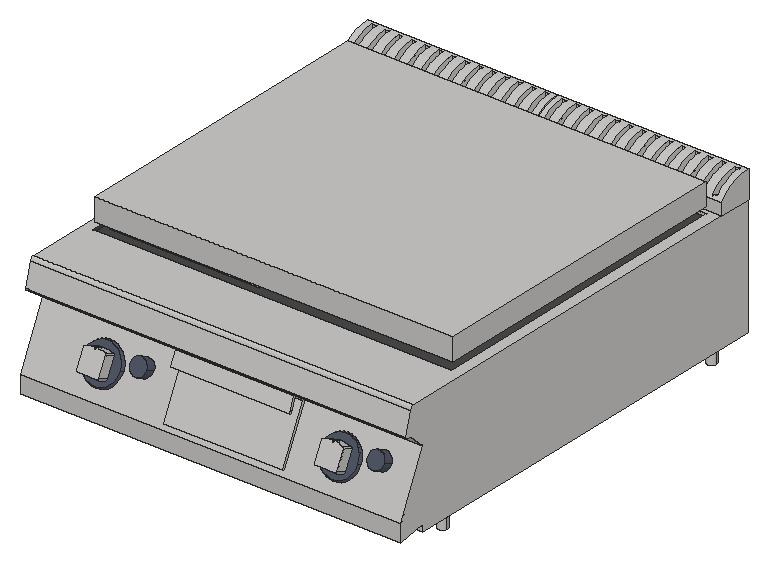
Revit family "QF_ZANUSSI_392023_Z9HOGH1000", category Specialty Equipment, Revit 2018
Family settings
  Round Connector Dimension = Use Diameter
  Part Type = Normal
  Work Plane-Based = No
  Always vertical = Yes
  Cut with Voids When Loaded = No
  Shared = No
  Room Calculation Point = No
Parameters
  Width = 400 mm  # constant formula
  Weight in Pounds = 105  # constant formula
  Weight = 0.00 kg
  Watts = 0 W
  Volts = 0 V
  URL Manufacturer = "http://www.zanussiprofessional.com"
  URL Cutsheet = "www.electrolux.com/foodservice"
  URL = "http://www.zanussiprofessional.com"
  Type Mark [instance] = ""
  Steam Supply Size = 0"
  Steam Supply Minimum Pressure = 0.00 psi
  Steam Supply Maximum Pressure = 0.00 psi
  Steam Pounds per Hour = 0
  Status [instance] = ""
  Specification by User [instance] = ""
  Specification by Manufacturer = ""
  Show Logo [instance] = yes
  Show Clearance [instance] = yes
  Serial Number = ""
  Seismic Rating = ""
  SMACNA No = ""
  Revision Code [instance] = ""
  Refrigeration Suction Line Size = 0"
  Refrigeration Liquid Line Size = 0"
  Refrigerant Compressor Remote = yes
  Phase = 0
  Omniclass Number and Title = ""
  NAFEM Spec ID Number = ""
  Model = "Z9HOGH1000"
  Mechanical Remarks = ""
  Mechanical Connection Type = ""
  Masterspec = ""
  Manufacturer = "Zanussi"
  Length Actual = 800 mm  # constant formula
  Item Number [instance] = "392023"
  Installed By [instance] = ""
  Identify Quantity as Lot [instance] = yes
  Hot Water Size = 0"
  Height Actual = 250 mm  # constant formula
  Height = 355 mm  # constant formula
  HP = "0 HP"
  Gas Size = 1/2"  # constant formula
  Gas RI Height [instance] = 0 mm
  Gas KW = 16  # constant formula
  Gas Input [instance] = 0.672036 Btu/h
  Gas Connection Height = 0 mm
  Furnished By [instance] = ""
  Foodservice Equipment Identifier [instance] = yes
  Direct Waste Size = 0"
  Description = "GAS HOB COOKING TOP 800 MM"
  Depth Actual = 900 mm  # constant formula
  Depth = 915 mm  # constant formula
  Cycle = 0 Hz
  Condensate Return Size = 0"
  Compressed Air Volume = 0 GPM
  Compressed Air Size = 0"
  Compressed Air Pressure = 0.00 psi
  Cold Water Size = 0"
  CSI MasterFormat = ""
  CSI Master Format = ""
  Base Height [instance] = 24 mm  # constant formula
  Assembly Code = ""
  Accessory = yes
Reference planes
  plane 1 "BACK": y = 0
  plane 2: z = 0
  plane 3 "LEFT": x = 0
  plane 4 "RIGHT": x = 800
  plane 5 "FRONT": y = -915
  plane 6 "TOP": z = 288.925
  plane 7 "Center Y": x = 400
  plane 8 "Center X": y = -465
  plane 9 "BASE": z = 24
  plane 10 "TOP A": z = 274
  plane 11: y = -790
  plane 12: y = -82
  plane 13: z = 332
  plane 14: y = -1045
  plane 15: y = -748
  plane 16: y = -663
  plane 17: through (-6096, -914.683, 65.146) normal (0, 0.8956, -0.4448)
Forms (mm)
  Extrusion 1, solid, material "QF_Finishes_Stainless Steel"
    sketch origin (800, 0, 0) x (0, 1, 0) y (0, 0, 1)
      loop
        line (0, 24) -> (0, 274) -> (-879.358, 274)
        arc (-879.358, 274) -> (-884.643, 271.811) -> (-886.833, 266.526) r 7.474
        line (-886.833, 266.526) -> (-899.884, 221.011)
        arc (-899.884, 221.011) -> (-899.396, 218.379) -> (-897, 217.184) r 3
        line (-897, 217.184) -> (-886.802, 217.184) -> (-854.982, 185.364) -> (-915, 64.508) -> (-915, 29.508) -> (-858.645, 37.428)
        arc (-858.645, 37.428) -> (-856.101, 36.674) -> (-855, 34.259) r 3.2
        line (-855, 34.259) -> (-855, 24) -> (0, 24)
    from 0 to -800
  Extrusion 2, solid, material "QF_Finishes_Stainless Steel"
    sketch origin (0, -199.765, 0) x (1, 0, 0) y (0, 1, 0)
      loop
        circle (11.112, 117.765) r 9.525
      loop
        circle (11.112, -590.235) r 9.525
      loop
        circle (788.887, 117.765) r 9.525
      loop
        circle (788.887, -590.235) r 9.525
    from 0 to 24
  Extrusion 3, solid, material "QF_Clearances", visible <- "Show Clearance", detail levels coarse
    sketch origin (0, -199.765, 0) x (1, 0, 0) y (0, 1, 0)
      loop
        line (0, -715.235) -> (0, 199.765) -> (800, 199.765) -> (800, -715.235) -> (950.019, -715.235) -> (950.019, 399.784) -> (-150.019, 399.784) -> (-150.019, -715.235) -> (0, -715.235)
    from 0 to 336
  Extrusion 4, solid, material "QF_Finishes_Stainless Steel"
    sketch origin (0, 0, 0) x (0, 1, 0) y (0, 0, 1)
      loop
        line (0, 274) -> (0, 332)
        arc (0, 332) -> (-38.824, 323.684) -> (-69.85, 298.908) r 86.548
        line (-69.85, 298.908) -> (-69.85, 274) -> (0, 274)
    from 0 to 400.05
  Extrusion 5, void
    sketch origin (0, 0, 274.638) x (-1, 0, 0) y (0, -1, 0)
      loop
        line (-13.453, 6.761) -> (-13.453, 63.911) -> (-22.749, 63.911) -> (-22.749, 6.761) -> (-13.453, 6.761)
    from 25.4 to 63.5
  Extrusion 6, void
    sketch origin (400.05, 0, 274.638) x (1, 0, 0) y (0, 1, 0)
      loop
        line (-13.453, -6.761) -> (-22.749, -6.761) -> (-22.749, -63.911) -> (-13.453, -63.911) -> (-13.453, -6.761)
    from 25.4 to 63.5
  Extrusion 7, void
    sketch origin (27.988, 0, 274.638) x (-1, 0, 0) y (0, -1, 0)
      loop
        line (-13.453, 6.761) -> (-13.453, 63.911) -> (-22.749, 63.911) -> (-22.749, 6.761) -> (-13.453, 6.761)
    from 25.4 to 63.5
  Extrusion 8, void
    sketch origin (55.977, 0, 274.638) x (-1, 0, 0) y (0, -1, 0)
      loop
        line (-13.453, 6.761) -> (-13.453, 63.911) -> (-22.749, 63.911) -> (-22.749, 6.761) -> (-13.453, 6.761)
    from 25.4 to 63.5
  Extrusion 9, void
    sketch origin (83.965, 0, 274.638) x (-1, 0, 0) y (0, -1, 0)
      loop
        line (-13.453, 6.761) -> (-13.453, 63.911) -> (-22.749, 63.911) -> (-22.749, 6.761) -> (-13.453, 6.761)
    from 25.4 to 63.5
  Extrusion 10, void
    sketch origin (111.953, 0, 274.638) x (-1, 0, 0) y (0, -1, 0)
      loop
        line (-13.453, 6.761) -> (-13.453, 63.911) -> (-22.749, 63.911) -> (-22.749, 6.761) -> (-13.453, 6.761)
    from 25.4 to 63.5
  Extrusion 11, void
    sketch origin (139.942, 0, 274.638) x (-1, 0, 0) y (0, -1, 0)
      loop
        line (-13.453, 6.761) -> (-13.453, 63.911) -> (-22.749, 63.911) -> (-22.749, 6.761) -> (-13.453, 6.761)
    from 25.4 to 63.5
  Extrusion 12, void
    sketch origin (167.93, 0, 274.638) x (-1, 0, 0) y (0, -1, 0)
      loop
        line (-13.453, 6.761) -> (-13.453, 63.911) -> (-22.749, 63.911) -> (-22.749, 6.761) -> (-13.453, 6.761)
    from 25.4 to 63.5
  Extrusion 13, void
    sketch origin (195.918, 0, 274.638) x (-1, 0, 0) y (0, -1, 0)
      loop
        line (-13.453, 6.761) -> (-13.453, 63.911) -> (-22.749, 63.911) -> (-22.749, 6.761) -> (-13.453, 6.761)
    from 25.4 to 63.5
  Extrusion 14, void
    sketch origin (223.907, 0, 274.638) x (-1, 0, 0) y (0, -1, 0)
      loop
        line (-13.453, 6.761) -> (-13.453, 63.911) -> (-22.749, 63.911) -> (-22.749, 6.761) -> (-13.453, 6.761)
    from 25.4 to 63.5
  Extrusion 15, void
    sketch origin (251.895, 0, 274.638) x (-1, 0, 0) y (0, -1, 0)
      loop
        line (-13.453, 6.761) -> (-13.453, 63.911) -> (-22.749, 63.911) -> (-22.749, 6.761) -> (-13.453, 6.761)
    from 25.4 to 63.5
  Extrusion 16, void
    sketch origin (279.884, 0, 274.638) x (-1, 0, 0) y (0, -1, 0)
      loop
        line (-13.453, 6.761) -> (-13.453, 63.911) -> (-22.749, 63.911) -> (-22.749, 6.761) -> (-13.453, 6.761)
    from 25.4 to 63.5
  Extrusion 17, void
    sketch origin (307.872, 0, 274.638) x (-1, 0, 0) y (0, -1, 0)
      loop
        line (-13.453, 6.761) -> (-13.453, 63.911) -> (-22.749, 63.911) -> (-22.749, 6.761) -> (-13.453, 6.761)
    from 25.4 to 63.5
  Extrusion 18, void
    sketch origin (335.86, 0, 274.638) x (-1, 0, 0) y (0, -1, 0)
      loop
        line (-13.453, 6.761) -> (-13.453, 63.911) -> (-22.749, 63.911) -> (-22.749, 6.761) -> (-13.453, 6.761)
    from 25.4 to 63.5
  Extrusion 19, void
    sketch origin (0, 0, 274.825) x (-1, 0, 0) y (0, -1, 0)
      loop
        line (-23, 79.247) -> (-23, 752.366) -> (-777, 752.366) -> (-777, 79.247) -> (-23, 79.247)
    from 0 to -6.35
  Extrusion 20, solid, material "QF_Finishes_Stainless Steel"
    sketch origin (0, 0, 268.475) x (-1, 0, 0) y (0, -1, 0)
      loop
        line (-23, 82) -> (-23, 748) -> (-777, 748) -> (-777, 82) -> (-23, 82)
    from 20.45 to 67.525
  Extrusion 21, solid, material "QF_Finishes_Stainless Steel"
    sketch origin (800, 0, 24) x (-1, 0, 0) y (0, 1, 0)
      loop
        circle (33, -733) r 12.7
    from 0 to 5
  Extrusion 22, solid, material "QF_Finishes_Stainless Steel"
    sketch origin (0, 0, 268.475) x (-1, 0, 0) y (0, -1, 0)
      loop
        line (-357.019, 732.366) -> (-357.019, 99.247) -> (-43, 99.247) -> (-43, 732.366) -> (-357.019, 732.366)
    from 0 to 20.45
  Extrusion 23, solid, material "QF_Finishes_Stainless Steel"
    sketch origin (800, 0, 24) x (-1, 0, 0) y (0, 1, 0)
      loop
        circle (52, -648) r 6.4
    from 0 to 19
  Extrusion 24, void
    sketch origin (399.95, 0, 274.638) x (-1, 0, 0) y (0, -1, 0)
      loop
        line (-13.453, 6.761) -> (-13.453, 63.911) -> (-22.749, 63.911) -> (-22.749, 6.761) -> (-13.453, 6.761)
    from 25.4 to 63.5
  Extrusion 25, void
    sketch origin (772.012, 0, 274.638) x (1, 0, 0) y (0, 1, 0)
      loop
        line (-13.453, -6.761) -> (-22.749, -6.761) -> (-22.749, -63.911) -> (-13.453, -63.911) -> (-13.453, -6.761)
    from 25.4 to 63.5
  Extrusion 26, void
    sketch origin (744.023, 0, 274.638) x (1, 0, 0) y (0, 1, 0)
      loop
        line (-13.453, -6.761) -> (-22.749, -6.761) -> (-22.749, -63.911) -> (-13.453, -63.911) -> (-13.453, -6.761)
    from 25.4 to 63.5
  Extrusion 27, void
    sketch origin (716.035, 0, 274.638) x (1, 0, 0) y (0, 1, 0)
      loop
        line (-13.453, -6.761) -> (-22.749, -6.761) -> (-22.749, -63.911) -> (-13.453, -63.911) -> (-13.453, -6.761)
    from 25.4 to 63.5
  Extrusion 28, void
    sketch origin (688.047, 0, 274.638) x (1, 0, 0) y (0, 1, 0)
      loop
        line (-13.453, -6.761) -> (-22.749, -6.761) -> (-22.749, -63.911) -> (-13.453, -63.911) -> (-13.453, -6.761)
    from 25.4 to 63.5
  Extrusion 29, void
    sketch origin (660.058, 0, 274.638) x (1, 0, 0) y (0, 1, 0)
      loop
        line (-13.453, -6.761) -> (-22.749, -6.761) -> (-22.749, -63.911) -> (-13.453, -63.911) -> (-13.453, -6.761)
    from 25.4 to 63.5
  Extrusion 30, void
    sketch origin (632.07, 0, 274.638) x (1, 0, 0) y (0, 1, 0)
      loop
        line (-13.453, -6.761) -> (-22.749, -6.761) -> (-22.749, -63.911) -> (-13.453, -63.911) -> (-13.453, -6.761)
    from 25.4 to 63.5
  Extrusion 31, void
    sketch origin (604.082, 0, 274.638) x (1, 0, 0) y (0, 1, 0)
      loop
        line (-13.453, -6.761) -> (-22.749, -6.761) -> (-22.749, -63.911) -> (-13.453, -63.911) -> (-13.453, -6.761)
    from 25.4 to 63.5
  Extrusion 32, void
    sketch origin (576.093, 0, 274.638) x (1, 0, 0) y (0, 1, 0)
      loop
        line (-13.453, -6.761) -> (-22.749, -6.761) -> (-22.749, -63.911) -> (-13.453, -63.911) -> (-13.453, -6.761)
    from 25.4 to 63.5
  Extrusion 33, void
    sketch origin (548.105, 0, 274.638) x (1, 0, 0) y (0, 1, 0)
      loop
        line (-13.453, -6.761) -> (-22.749, -6.761) -> (-22.749, -63.911) -> (-13.453, -63.911) -> (-13.453, -6.761)
    from 25.4 to 63.5
  Extrusion 34, void
    sketch origin (520.116, 0, 274.638) x (1, 0, 0) y (0, 1, 0)
      loop
        line (-13.453, -6.761) -> (-22.749, -6.761) -> (-22.749, -63.911) -> (-13.453, -63.911) -> (-13.453, -6.761)
    from 25.4 to 63.5
  Extrusion 35, void
    sketch origin (492.128, 0, 274.638) x (1, 0, 0) y (0, 1, 0)
      loop
        line (-13.453, -6.761) -> (-22.749, -6.761) -> (-22.749, -63.911) -> (-13.453, -63.911) -> (-13.453, -6.761)
    from 25.4 to 63.5
  Extrusion 36, void
    sketch origin (464.14, 0, 274.638) x (1, 0, 0) y (0, 1, 0)
      loop
        line (-13.453, -6.761) -> (-22.749, -6.761) -> (-22.749, -63.911) -> (-13.453, -63.911) -> (-13.453, -6.761)
    from 25.4 to 63.5
  Extrusion 37, void
    sketch origin (800, 0, 274.638) x (1, 0, 0) y (0, 1, 0)
      loop
        line (-13.453, -6.761) -> (-22.749, -6.761) -> (-22.749, -63.911) -> (-13.453, -63.911) -> (-13.453, -6.761)
    from 25.4 to 63.5
  Extrusion 38, solid, material "QF_Finishes_Stainless Steel"
    sketch origin (400, 0, 0) x (0, 1, 0) y (0, 0, 1)
      loop
        line (0, 274) -> (0, 332)
        arc (0, 332) -> (-38.824, 323.684) -> (-69.85, 298.908) r 86.548
        line (-69.85, 298.908) -> (-69.85, 274) -> (0, 274)
    from 0 to 400.05
  Extrusion 39, solid, material "QF_Finishes_Stainless Steel"
    sketch origin (400, -199.683, 0) x (0, 1, 0) y (0, 0, 1)
      loop
        line (-655.161, 185.641) -> (-674.299, 204.778)
        arc (-674.299, 204.778) -> (-678.766, 206.181) -> (-682.47, 203.316) r 5.058
        line (-682.47, 203.316) -> (-695.132, 175.806) -> (-692.248, 174.479) -> (-679.586, 201.989)
        arc (-679.586, 201.989) -> (-678.207, 203.055) -> (-676.544, 202.533) r 1.883
        line (-676.544, 202.533) -> (-659.038, 185.028) -> (-712.559, 77.256) -> (-709.651, 75.918) -> (-655.161, 185.641)
    from -100 to 150
  Extrusion 40, solid, material "QF_Finishes_Drawer Clearance", visible <- "Show Clearance", detail levels coarse
    sketch origin (400, -199.683, 0) x (0, 1, 0) y (0, 0, 1)
      loop
        line (-842.408, 75.918) -> (-709.651, 75.918) -> (-655.161, 185.641) -> (-674.299, 204.778)
        arc (-674.299, 204.778) -> (-676.36, 206.027) -> (-678.766, 206.181) r 5.058
        line (-678.766, 206.181) -> (-811.524, 206.181)
        arc (-811.524, 206.181) -> (-813.727, 205.203) -> (-815.228, 203.316) r 5.058
        line (-815.228, 203.316) -> (-827.89, 175.806) -> (-825.006, 174.479) -> (-812.344, 201.989)
        arc (-812.344, 201.989) -> (-810.965, 203.055) -> (-809.302, 202.533) r 1.883
        line (-809.302, 202.533) -> (-791.796, 185.028) -> (-845.317, 77.256) -> (-842.408, 75.918)
    from -100 to 150
  Extrusion 41, solid, material "QF_Plastic-Black-Matte"
    sketch origin (592.6, -884.674, 125.574) x (0, 0.444781, 0.895639) y (0, 0.895639, -0.444781)
      loop
        line (26.984, -34) -> (23.984, -34) -> (23.984, -35) -> (26.984, -35)
        arc (26.984, -35) -> (27.691, -34.707) -> (27.984, -34) r 1
        line (27.984, -34) -> (27.984, -19) -> (26.984, -19) -> (26.984, -34)
    from -58.5 to -56.5
  Extrusion 42, solid, material "QF_Finishes_Stainless Steel"
    sketch origin (650.1, -884.674, 125.574) x (-1, 0, 0) y (0, -0.444781, -0.895639)
      loop
        line (17.6, -17.5) -> (17.6, 17.5) -> (-17.4, 17.5) -> (-17.4, -17.5) -> (17.6, -17.5)
    from 5 to 10
  Blend 43, solid, material "QF_Finishes_Navy Blue"
    base sketch origin (650.1, -884.674, 125.574) x (1, 0, 0) y (0, 0.444781, 0.895639)
      loop
        circle (-0.1, 0) r 42.5
    top sketch origin (650.1, -884.674, 125.574) x (1, 0, 0) y (0, 0.444781, 0.895639)
      loop
        circle (-0.1, 0) r 40.5
    from 0 to 5
  Extrusion 44, solid, material "QF_Finishes_Stainless Steel"
    sketch origin (650.1, -884.674, 125.574) x (-1, 0, 0) y (0, -0.444781, -0.895639)
      loop
        arc (-21.047, -22.789) -> (0.1, -26.984) -> (21.247, -22.789) r 55.4
        arc (21.247, -22.789) -> (22.594, -21.685) -> (23.1, -20.019) r 2.997
        line (23.1, -20.019) -> (23.1, 20.019)
        arc (23.1, 20.019) -> (22.222, 22.138) -> (20.103, 23.016) r 2.997
        line (20.103, 23.016) -> (-19.903, 23.016)
        arc (-19.903, 23.016) -> (-22.022, 22.138) -> (-22.9, 20.019) r 2.997
        line (-22.9, 20.019) -> (-22.9, -20.019)
        arc (-22.9, -20.019) -> (-22.394, -21.685) -> (-21.047, -22.789) r 2.997
    from 10 to 34
  Extrusion 45, solid, material "QF_Finishes_Navy Blue"
    sketch origin (789.101, -875.779, 143.486) x (1, 0, 0) y (0, 0.444781, 0.895639)
      loop
        circle (-55.101, 0) r 18
    from 3 to 23
  Extrusion 46, solid, material "QF_Finishes_Stainless Steel"
    sketch origin (650.1, -875.779, 143.486) x (1, 0, 0) y (0, 0.444781, 0.895639)
      loop
        circle (83.9, 0) r 15
    from 3 to 0
  Extrusion 47, solid, material "QF_Plastic-Black-Matte"
    sketch origin (92.5, -884.674, 125.574) x (0, 0.444781, 0.895639) y (0, 0.895639, -0.444781)
      loop
        line (26.984, -34) -> (23.984, -34) -> (23.984, -35) -> (26.984, -35)
        arc (26.984, -35) -> (27.691, -34.707) -> (27.984, -34) r 1
        line (27.984, -34) -> (27.984, -19) -> (26.984, -19) -> (26.984, -34)
    from -58.5 to -56.5
  Extrusion 48, solid, material "QF_Finishes_Stainless Steel"
    sketch origin (150, -884.674, 125.574) x (-1, 0, 0) y (0, -0.444781, -0.895639)
      loop
        line (17.5, -17.5) -> (17.5, 17.5) -> (-17.5, 17.5) -> (-17.5, -17.5) -> (17.5, -17.5)
    from 5 to 10
  Blend 49, solid, material "QF_Finishes_Navy Blue"
    base sketch origin (150, -884.674, 125.574) x (1, 0, 0) y (0, 0.444781, 0.895639)
      loop
        circle (0, 0) r 42.5
    top sketch origin (150, -884.674, 125.574) x (1, 0, 0) y (0, 0.444781, 0.895639)
      loop
        circle (0, 0) r 40.5
    from 0 to 5
  Extrusion 50, solid, material "QF_Finishes_Stainless Steel"
    sketch origin (150, -884.674, 125.574) x (-1, 0, 0) y (0, -0.444781, -0.895639)
      loop
        arc (-21.147, -22.789) -> (0, -26.984) -> (21.147, -22.789) r 55.4
        arc (21.147, -22.789) -> (22.494, -21.685) -> (23, -20.019) r 2.997
        line (23, -20.019) -> (23, 20.019)
        arc (23, 20.019) -> (22.122, 22.138) -> (20.003, 23.016) r 2.997
        line (20.003, 23.016) -> (-20.003, 23.016)
        arc (-20.003, 23.016) -> (-22.122, 22.138) -> (-23, 20.019) r 2.997
        line (-23, 20.019) -> (-23, -20.019)
        arc (-23, -20.019) -> (-22.494, -21.685) -> (-21.147, -22.789) r 2.997
    from 10 to 34
  Extrusion 51, solid, material "QF_Finishes_Navy Blue"
    sketch origin (289.001, -875.779, 143.486) x (1, 0, 0) y (0, 0.444781, 0.895639)
      loop
        circle (-55.051, 0) r 18
    from 3 to 23
  Extrusion 52, solid, material "QF_Finishes_Stainless Steel"
    sketch origin (150, -875.779, 143.486) x (1, 0, 0) y (0, 0.444781, 0.895639)
      loop
        circle (83.95, 0) r 15
    from 3 to 0
Cuts and joins
  Extrusion 5, Extrusion 6, Extrusion 7, Extrusion 8, Extrusion 9, Extrusion 10, Extrusion 11, Extrusion 12, Extrusion 13, Extrusion 14, Extrusion 15, Extrusion 16, Extrusion 17, Extrusion 18, Extrusion 24, Extrusion 25, Extrusion 26, Extrusion 27, Extrusion 28, Extrusion 29, Extrusion 30, Extrusion 31, Extrusion 32, Extrusion 33, Extrusion 34, Extrusion 35, Extrusion 36 cuts Extrusion 4
  Extrusion 19 cuts Extrusion 1
  Extrusion 19 cuts Extrusion 22
  Extrusion 24, Extrusion 25, Extrusion 26, Extrusion 27, Extrusion 28, Extrusion 29, Extrusion 30, Extrusion 31, Extrusion 32, Extrusion 33, Extrusion 34, Extrusion 35, Extrusion 36, Extrusion 37 cuts Extrusion 38
Lines and regions (mm)
  Split face 1
    outline origin (656.001, -889.153, 127.797) x (1, 0, 0) y (0, 0.444781, 0.895639)
      loop
        line (-8.901, 38.561) -> (-8.901, 28.561) -> (-2.901, 28.561) -> (-2.901, 38.561) -> (-8.901, 38.561)
  Split face 2
    outline origin (656.001, -889.153, 127.797) x (1, 0, 0) y (0, 0.444781, 0.895639)
      loop
        line (-8.401, 38.061) -> (-8.401, 29.061) -> (-3.401, 29.061) -> (-3.401, 38.061) -> (-8.401, 38.061)
  Split face 3
    outline origin (656.001, -889.153, 127.797) x (1, 0, 0) y (0, 0.444781, 0.895639)
      loop
        line (-8.401, 33.561) -> (-3.401, 33.561)
  Split face 4
    outline origin (656.001, -889.153, 127.797) x (1, 0, 0) y (0, 0.444781, 0.895639)
      loop
        line (-8.401, 33.061) -> (-3.401, 33.061)
  Split face 5
    outline origin (656.001, -889.153, 127.797) x (1, 0, 0) y (0, 0.444781, 0.895639)
      loop
        circle (-5.901, 35.811) r 2.031
  Split face 6
    outline origin (650.1, -889.153, 127.797) x (1, 0, 0) y (0, 0.444781, 0.895639)
      loop
        circle (-24.487, 26.694) r 3.497
  Split face 7
    outline origin (650.1, -889.153, 127.797) x (1, 0, 0) y (0, 0.444781, 0.895639)
      loop
        circle (-33, 0) r 3
  Split face 8
    outline origin (650.1, -889.153, 127.797) x (1, 0, 0) y (0, 0.444781, 0.895639)
      loop
        circle (-17.8, -29.371) r 1.5
  Split face 9
    outline origin (155.901, -889.153, 127.797) x (1, 0, 0) y (0, 0.444781, 0.895639)
      loop
        line (-8.901, 38.561) -> (-8.901, 28.561) -> (-2.901, 28.561) -> (-2.901, 38.561) -> (-8.901, 38.561)
  Split face 10
    outline origin (155.901, -889.153, 127.797) x (1, 0, 0) y (0, 0.444781, 0.895639)
      loop
        line (-8.401, 38.061) -> (-8.401, 29.061) -> (-3.401, 29.061) -> (-3.401, 38.061) -> (-8.401, 38.061)
  Split face 11
    outline origin (155.901, -889.153, 127.797) x (1, 0, 0) y (0, 0.444781, 0.895639)
      loop
        line (-8.401, 33.561) -> (-3.401, 33.561)
  Split face 12
    outline origin (155.901, -889.153, 127.797) x (1, 0, 0) y (0, 0.444781, 0.895639)
      loop
        line (-8.401, 33.061) -> (-3.401, 33.061)
  Split face 13
    outline origin (155.901, -889.153, 127.797) x (1, 0, 0) y (0, 0.444781, 0.895639)
      loop
        circle (-5.901, 35.811) r 2.031
  Split face 14
    outline origin (150, -889.153, 127.797) x (1, 0, 0) y (0, 0.444781, 0.895639)
      loop
        circle (-24.487, 26.694) r 3.497
  Split face 15
    outline origin (150, -889.153, 127.797) x (1, 0, 0) y (0, 0.444781, 0.895639)
      loop
        circle (-33, 0) r 3
  Split face 16
    outline origin (150, -889.153, 127.797) x (1, 0, 0) y (0, 0.444781, 0.895639)
      loop
        circle (-17.8, -29.371) r 1.5
  symbolic lines, style "QF_Clearances", visible <- "Show Clearance", detail levels coarse
    curve 1: line (-150.019, 200.019, 274) -> (-150.019, -915, 274)
    curve 2: line (950.019, 200.019, 274) -> (-150.019, 200.019, 274)
    curve 3: line (950.019, -915, 274) -> (950.019, 200.019, 274)
  symbolic lines
    curve 4: line (0, 0, 274) -> (400.05, 0, 274)
    curve 5: line (0, -915, 274) -> (0, 0, 274)
    curve 6: line (13.453, -6.761, 274) -> (22.749, -6.761, 274)
    curve 7: line (13.453, -63.911, 274) -> (13.453, -6.761, 274)
    curve 8: line (22.749, -63.911, 274) -> (13.453, -63.911, 274)
    curve 9: line (22.749, -6.761, 274) -> (22.749, -63.911, 274)
    curve 10: line (41.441, -6.761, 274) -> (50.737, -6.761, 274)
    curve 11: line (41.441, -63.911, 274) -> (41.441, -6.761, 274)
    curve 12: line (50.737, -63.911, 274) -> (41.441, -63.911, 274)
    curve 13: line (50.737, -6.761, 274) -> (50.737, -63.911, 274)
    curve 14: line (69.43, -6.761, 274) -> (78.725, -6.761, 274)
    curve 15: line (69.43, -63.911, 274) -> (69.43, -6.761, 274)
    curve 16: line (78.725, -63.911, 274) -> (69.43, -63.911, 274)
    curve 17: line (78.725, -6.761, 274) -> (78.725, -63.911, 274)
    curve 18: line (97.418, -6.761, 274) -> (106.714, -6.761, 274)
    curve 19: line (97.418, -63.911, 274) -> (97.418, -6.761, 274)
    curve 20: line (106.714, -63.911, 274) -> (97.418, -63.911, 274)
    curve 21: line (106.714, -6.761, 274) -> (106.714, -63.911, 274)
    curve 22: line (125.406, -6.761, 274) -> (134.702, -6.761, 274)
    curve 23: line (125.406, -63.911, 274) -> (125.406, -6.761, 274)
    curve 24: line (134.702, -63.911, 274) -> (125.406, -63.911, 274)
    curve 25: line (134.702, -6.761, 274) -> (134.702, -63.911, 274)
    curve 26: line (153.395, -6.761, 274) -> (162.69, -6.761, 274)
    curve 27: line (153.395, -63.911, 274) -> (153.395, -6.761, 274)
    curve 28: line (162.69, -63.911, 274) -> (153.395, -63.911, 274)
    curve 29: line (162.69, -6.761, 274) -> (162.69, -63.911, 274)
    curve 30: line (181.383, -6.761, 274) -> (190.679, -6.761, 274)
    curve 31: line (181.383, -63.911, 274) -> (181.383, -6.761, 274)
    curve 32: line (190.679, -63.911, 274) -> (181.383, -63.911, 274)
    curve 33: line (190.679, -6.761, 274) -> (190.679, -63.911, 274)
    curve 34: line (209.371, -6.761, 274) -> (218.667, -6.761, 274)
    curve 35: line (209.371, -63.911, 274) -> (209.371, -6.761, 274)
    curve 36: line (218.667, -63.911, 274) -> (209.371, -63.911, 274)
    curve 37: line (218.667, -6.761, 274) -> (218.667, -63.911, 274)
    curve 38: line (237.36, -6.761, 274) -> (246.655, -6.761, 274)
    curve 39: line (237.36, -63.911, 274) -> (237.36, -6.761, 274)
    curve 40: line (246.655, -63.911, 274) -> (237.36, -63.911, 274)
    curve 41: line (246.655, -6.761, 274) -> (246.655, -63.911, 274)
    curve 42: line (265.348, -6.761, 274) -> (274.644, -6.761, 274)
    curve 43: line (265.348, -63.911, 274) -> (265.348, -6.761, 274)
    curve 44: line (274.644, -63.911, 274) -> (265.348, -63.911, 274)
    curve 45: line (274.644, -6.761, 274) -> (274.644, -63.911, 274)
    curve 46: line (293.336, -6.761, 274) -> (302.632, -6.761, 274)
    curve 47: line (293.336, -63.911, 274) -> (293.336, -6.761, 274)
    curve 48: line (302.632, -63.911, 274) -> (293.336, -63.911, 274)
    curve 49: line (302.632, -6.761, 274) -> (302.632, -63.911, 274)
    curve 50: line (321.325, -6.761, 274) -> (330.62, -6.761, 274)
    curve 51: line (321.325, -63.911, 274) -> (321.325, -6.761, 274)
    curve 52: line (330.62, -63.911, 274) -> (321.325, -63.911, 274)
    curve 53: line (330.62, -6.761, 274) -> (330.62, -63.911, 274)
    curve 54: line (349.313, -6.761, 274) -> (358.609, -6.761, 274)
    curve 55: line (349.313, -63.911, 274) -> (349.313, -6.761, 274)
    curve 56: line (358.609, -63.911, 274) -> (349.313, -63.911, 274)
    curve 57: line (358.609, -6.761, 274) -> (358.609, -63.911, 274)
    curve 58: line (377.301, -6.761, 274) -> (386.597, -6.761, 274)
    curve 59: line (377.301, -63.911, 274) -> (377.301, -6.761, 274)
    curve 60: line (386.597, -63.911, 274) -> (377.301, -63.911, 274)
    curve 61: line (386.597, -6.761, 274) -> (386.597, -63.911, 274)
    curve 65: line (777, -79.247, 0) -> (23, -79.247, 0)
    curve 66: line (777, -82, 0) -> (23, -82, 0)
    curve 67: line (23, -752.366, 0) -> (777, -752.366, 0)
    curve 68: line (23, -748, 0) -> (777, -748, 0)
    curve 69: line (777, -752.366, 0) -> (777, -79.247, 0)
    curve 70: line (23, -79.247, 0) -> (23, -752.366, 0)
    curve 71: line (800, 0, 274) -> (400.05, 0, 274)
    curve 72: line (786.547, -6.761, 274) -> (777.251, -6.761, 274)
    curve 73: line (786.547, -63.911, 274) -> (786.547, -6.761, 274)
    curve 74: line (777.251, -63.911, 274) -> (786.547, -63.911, 274)
    curve 75: line (777.251, -6.761, 274) -> (777.251, -63.911, 274)
    curve 76: line (758.559, -6.761, 274) -> (749.263, -6.761, 274)
    curve 77: line (758.559, -63.911, 274) -> (758.559, -6.761, 274)
    curve 78: line (749.263, -63.911, 274) -> (758.559, -63.911, 274)
    curve 79: line (749.263, -6.761, 274) -> (749.263, -63.911, 274)
    curve 80: line (730.57, -6.761, 274) -> (721.275, -6.761, 274)
    curve 81: line (730.57, -63.911, 274) -> (730.57, -6.761, 274)
    curve 82: line (721.275, -63.911, 274) -> (730.57, -63.911, 274)
    curve 83: line (721.275, -6.761, 274) -> (721.275, -63.911, 274)
    curve 84: line (702.582, -6.761, 274) -> (693.286, -6.761, 274)
    curve 85: line (702.582, -63.911, 274) -> (702.582, -6.761, 274)
    curve 86: line (693.286, -63.911, 274) -> (702.582, -63.911, 274)
    curve 87: line (693.286, -6.761, 274) -> (693.286, -63.911, 274)
    curve 88: line (674.594, -6.761, 274) -> (665.298, -6.761, 274)
    curve 89: line (674.594, -63.911, 274) -> (674.594, -6.761, 274)
    curve 90: line (665.298, -63.911, 274) -> (674.594, -63.911, 274)
    curve 91: line (665.298, -6.761, 274) -> (665.298, -63.911, 274)
    curve 92: line (646.605, -6.761, 274) -> (637.31, -6.761, 274)
    curve 93: line (646.605, -63.911, 274) -> (646.605, -6.761, 274)
    curve 94: line (637.31, -63.911, 274) -> (646.605, -63.911, 274)
    curve 95: line (637.31, -6.761, 274) -> (637.31, -63.911, 274)
    curve 96: line (618.617, -6.761, 274) -> (609.321, -6.761, 274)
    curve 97: line (618.617, -63.911, 274) -> (618.617, -6.761, 274)
    curve 98: line (609.321, -63.911, 274) -> (618.617, -63.911, 274)
    curve 99: line (609.321, -6.761, 274) -> (609.321, -63.911, 274)
    curve 100: line (590.629, -6.761, 274) -> (581.333, -6.761, 274)
    curve 101: line (590.629, -63.911, 274) -> (590.629, -6.761, 274)
    curve 102: line (581.333, -63.911, 274) -> (590.629, -63.911, 274)
    curve 103: line (581.333, -6.761, 274) -> (581.333, -63.911, 274)
    curve 104: line (562.64, -6.761, 274) -> (553.345, -6.761, 274)
    curve 105: line (562.64, -63.911, 274) -> (562.64, -6.761, 274)
    curve 106: line (553.345, -63.911, 274) -> (562.64, -63.911, 274)
    curve 107: line (553.345, -6.761, 274) -> (553.345, -63.911, 274)
    curve 108: line (534.652, -6.761, 274) -> (525.356, -6.761, 274)
    curve 109: line (534.652, -63.911, 274) -> (534.652, -6.761, 274)
    curve 110: line (525.356, -63.911, 274) -> (534.652, -63.911, 274)
    curve 111: line (525.356, -6.761, 274) -> (525.356, -63.911, 274)
    curve 112: line (506.664, -6.761, 274) -> (497.368, -6.761, 274)
    curve 113: line (506.664, -63.911, 274) -> (506.664, -6.761, 274)
    curve 114: line (497.368, -63.911, 274) -> (506.664, -63.911, 274)
    curve 115: line (497.368, -6.761, 274) -> (497.368, -63.911, 274)
    curve 116: line (478.675, -6.761, 274) -> (469.38, -6.761, 274)
    curve 117: line (478.675, -63.911, 274) -> (478.675, -6.761, 274)
    curve 118: line (469.38, -63.911, 274) -> (478.675, -63.911, 274)
    curve 119: line (469.38, -6.761, 274) -> (469.38, -63.911, 274)
    curve 120: line (450.687, -6.761, 274) -> (441.391, -6.761, 274)
    curve 121: line (450.687, -63.911, 274) -> (450.687, -6.761, 274)
    curve 122: line (441.391, -63.911, 274) -> (450.687, -63.911, 274)
    curve 123: line (441.391, -6.761, 274) -> (441.391, -63.911, 274)
    curve 124: line (422.699, -6.761, 274) -> (413.403, -6.761, 274)
    curve 125: line (422.699, -63.911, 274) -> (422.699, -6.761, 274)
    curve 126: line (413.403, -63.911, 274) -> (422.699, -63.911, 274)
    curve 127: line (413.403, -6.761, 274) -> (413.403, -63.911, 274)
    curve 128: line (0, -69.85, 0) -> (800, -69.85, 0)
    curve 129: line (800, 0, 0) -> (800, -915, 0)
    curve 130: line (0, -899.683, 0) -> (800, -899.683, 0)
    curve 131: line (673, -899.683, 0) -> (673, -924.03, 0)
    curve 132: arc (673, -924.03, 0) -> (672.854, -924.494, 0) -> (672.468, -924.79, 0) r 0.809
    curve 133: arc (672.468, -924.79, 0) -> (671.28, -925.27, 0) -> (670.003, -925.363, 0) r 4.127
    curve 134: arc (673, -903.976, 0) -> (678.041, -902.142, 0) -> (682.809, -899.683, 0) r 42.24
    curve 135: arc (673, -906.222, 0) -> (672.498, -905.501, 0) -> (671.701, -905.132, 0) r 1.682
    curve 136: arc (671.701, -905.132, 0) -> (661.398, -903.633, 0) -> (651, -903.124, 0) r 109.079
    curve 137: line (651, -899.683, 0) -> (651, -905.354, 0)
    curve 138: line (651, -905.354, 0) -> (649, -905.354, 0)
    curve 139: line (649, -905.354, 0) -> (649, -899.683, 0)
    curve 140: line (627, -899.683, 0) -> (627, -924.03, 0)
    curve 141: arc (627, -924.03, 0) -> (627.146, -924.494, 0) -> (627.532, -924.79, 0) r 0.809
    curve 142: arc (627.532, -924.79, 0) -> (628.72, -925.27, 0) -> (629.997, -925.363, 0) r 4.127
    curve 143: arc (627, -903.976, 0) -> (621.959, -902.142, 0) -> (617.191, -899.683, 0) r 42.24
    curve 144: arc (627, -906.222, 0) -> (627.502, -905.501, 0) -> (628.299, -905.132, 0) r 1.682
    curve 145: arc (628.299, -905.132, 0) -> (638.602, -903.633, 0) -> (649, -903.124, 0) r 109.079
    curve 146: line (670.003, -925.363, 0) -> (629.997, -925.363, 0)
    curve 147: line (173, -914.683, 0) -> (627, -914.683, 0)
    curve 148: line (673, -914.683, 0) -> (800, -914.683, 0)
    curve 149: spline (717.605, -899.683, 0) -> (719.313, -901.007, 0) -> (721.554, -902.162, 0) -> (724.247, -903.107, 0) -> (727.294, -903.808, 0) -> (730.585, -904.239, 0) -> (734, -904.385, 0) -> (737.415, -904.239, 0) -> (740.706, -903.808, 0) -> (743.753, -903.107, 0) -> (746.446, -902.162, 0) -> (748.687, -901.007, 0) -> (750.395, -899.683, 0)
    curve 150: line (300, -914.683, 0) -> (300, -899.683, 0)
    curve 151: line (549.95, -914.683, 0) -> (549.95, -899.683, 0)
    curve 152: line (173, -899.683, 0) -> (173, -924.03, 0)
    curve 153: arc (173, -924.03, 0) -> (172.854, -924.494, 0) -> (172.468, -924.79, 0) r 0.809
    curve 154: arc (172.468, -924.79, 0) -> (171.28, -925.27, 0) -> (170.003, -925.363, 0) r 4.127
    curve 155: arc (173, -903.976, 0) -> (178.041, -902.142, 0) -> (182.809, -899.683, 0) r 42.24
    curve 156: arc (173, -906.222, 0) -> (172.498, -905.501, 0) -> (171.701, -905.132, 0) r 1.682
    curve 157: arc (171.701, -905.132, 0) -> (161.398, -903.633, 0) -> (151, -903.124, 0) r 109.079
    curve 158: line (151, -899.683, 0) -> (151, -905.354, 0)
    curve 159: line (151, -905.354, 0) -> (149, -905.354, 0)
    curve 160: line (149, -905.354, 0) -> (149, -899.683, 0)
    curve 161: line (127, -899.683, 0) -> (127, -924.03, 0)
    curve 162: arc (127, -924.03, 0) -> (127.146, -924.494, 0) -> (127.532, -924.79, 0) r 0.809
    curve 163: arc (127.532, -924.79, 0) -> (128.72, -925.27, 0) -> (129.997, -925.363, 0) r 4.127
    curve 164: arc (127, -903.976, 0) -> (121.959, -902.142, 0) -> (117.191, -899.683, 0) r 42.24
    curve 165: arc (127, -906.222, 0) -> (127.502, -905.501, 0) -> (128.299, -905.132, 0) r 1.682
    curve 166: arc (128.299, -905.132, 0) -> (138.602, -903.633, 0) -> (149, -903.124, 0) r 109.079
    curve 167: line (170.003, -925.363, 0) -> (129.997, -925.363, 0)
    curve 168: spline (217.605, -899.683, 0) -> (219.313, -901.007, 0) -> (221.554, -902.162, 0) -> (224.247, -903.107, 0) -> (227.294, -903.808, 0) -> (230.585, -904.239, 0) -> (234, -904.385, 0) -> (237.415, -904.239, 0) -> (240.706, -903.808, 0) -> (243.753, -903.107, 0) -> (246.446, -902.162, 0) -> (248.687, -901.007, 0) -> (250.395, -899.683, 0)
    curve 169: line (127, -914.683, 0) -> (0, -914.683, 0)
  symbolic lines, style "QF_Door-Drawer Clearances"
    curve 62: line (300, -1045, 0) -> (300, -915, 0)
    curve 63: line (300, -1045, 0) -> (550, -1045, 0)
    curve 64: line (550, -1045, 0) -> (550, -915, 0)
Dimensions and locks
  equal spacing: plane 3 "LEFT", plane 7 "Center Y", plane 4 "RIGHT"
  plane 3 "LEFT" to plane 4 "RIGHT" = 800 mm
  plane 5 "FRONT" to plane 8 "Center X" to plane 1 "BACK" = 450 mm, 465 mm
  plane 5 "FRONT" to plane 1 "BACK" = 915 mm  (x2)
  plane 1 "BACK" to plane 5 "FRONT" = 915 mm
  "Base Height": plane 9 "BASE" to level
  plane 10 "TOP A" to plane 9 "BASE" = 250 mm  (x3)
  plane 9 "BASE" to level = 24 mm
  plane 2 to plane 13 = 332 mm
  plane 9 "BASE" to plane 2 = 24 mm
  plane 5 "FRONT" to plane 11 to plane 12 to plane 1 "BACK" = 125 mm, 708 mm, 82 mm
  plane 14 to plane 1 "BACK" = 1045 mm
  plane 15 to plane 1 "BACK" = 748 mm
  plane 16 to plane 1 "BACK" = 663 mm
  Extrusion 23 to plane 9 "BASE" = 19 mm
  plane 13 to plane 10 "TOP A" = 58 mm
  aligned and locked: level to plane 2
Automatic sketch dimensions
  curve 128 to plane 3 "LEFT" = 0 mm
  plane 15 to curve 68 = 0 mm
  plane 12 to curve 66 = 0 mm
  curve 62 to plane 14 = 0 mm
  plane 5 "FRONT" to curve 62 = 0 mm
  plane 5 "FRONT" to curve 64 = 0 mm
  plane 1 "BACK" to curve 129 = 0 mm
  curve 129 to plane 4 "RIGHT" = 0 mm
  plane 5 "FRONT" to curve 129 = 0 mm
  plane 15 to curve 70 = 4.366 mm
  plane 3 "LEFT" to curve 70 = 23 mm
  curve 62 to plane 7 "Center Y" = 100 mm
  plane 7 "Center Y" to curve 63 = 150 mm
  curve 69 to plane 4 "RIGHT" = 23 mm
  curve 66 to curve 70 = 2.753 mm
  curve 66 to curve 65 = 0 mm
  curve 128 to plane 12 = 12.15 mm
  plane 5 "FRONT" to curve 3 = 0 mm
  plane 1 "BACK" to curve 71 = 0 mm
  curve 71 to plane 4 "RIGHT" = 0 mm
  plane 5 "FRONT" to curve 1 = 0 mm
  plane 4 "RIGHT" to curve 2 = 150.019 mm
  curve 72 to plane 4 "RIGHT" = 13.453 mm
  curve 72 to curve 72 = 9.296 mm
  plane 1 "BACK" to curve 76 = 6.761 mm
  curve 72 to curve 76 = 18.693 mm
  curve 76 to curve 76 = 9.296 mm
  plane 1 "BACK" to curve 80 = 6.761 mm
  curve 76 to curve 80 = 18.693 mm
  curve 80 to curve 80 = 9.296 mm
  plane 1 "BACK" to curve 84 = 6.761 mm
  curve 80 to curve 84 = 18.693 mm
  curve 84 to curve 84 = 9.296 mm
  plane 1 "BACK" to curve 88 = 6.761 mm
  curve 84 to curve 88 = 18.693 mm
  curve 88 to curve 88 = 9.296 mm
  plane 1 "BACK" to curve 92 = 6.761 mm
  curve 88 to curve 92 = 18.693 mm
  curve 92 to curve 92 = 9.296 mm
  plane 1 "BACK" to curve 96 = 6.761 mm
  curve 92 to curve 96 = 18.693 mm
  curve 96 to curve 99 = 9.296 mm
  plane 1 "BACK" to curve 101 = 6.761 mm
  curve 96 to curve 101 = 18.693 mm
  curve 100 to curve 103 = 9.296 mm
  plane 1 "BACK" to curve 104 = 6.761 mm
  curve 100 to curve 104 = 18.693 mm
  curve 104 to curve 104 = 9.296 mm
  plane 1 "BACK" to curve 108 = 6.761 mm
  curve 104 to curve 108 = 18.693 mm
  curve 108 to curve 108 = 9.296 mm
  plane 1 "BACK" to curve 112 = 6.761 mm
  curve 108 to curve 112 = 18.693 mm
  curve 112 to curve 112 = 9.296 mm
  curve 114 to curve 118 = 18.693 mm
  curve 117 to curve 118 = 9.296 mm
  plane 1 "BACK" to curve 120 = 6.761 mm
  curve 116 to curve 120 = 18.693 mm
  curve 120 to curve 120 = 9.296 mm
  plane 1 "BACK" to curve 124 = 6.761 mm
  curve 120 to curve 124 = 18.693 mm
  curve 125 to curve 126 = 9.296 mm
  plane 7 "Center Y" to curve 4 = 0.05 mm
  curve 60 to plane 7 "Center Y" = 13.403 mm
  curve 60 to curve 59 = 9.296 mm
  plane 1 "BACK" to curve 57 = 6.761 mm
  curve 58 to curve 57 = 18.693 mm
  curve 56 to curve 55 = 9.296 mm
  plane 1 "BACK" to curve 53 = 6.761 mm
  curve 54 to curve 53 = 18.693 mm
  curve 52 to curve 51 = 9.296 mm
  plane 1 "BACK" to curve 49 = 6.761 mm
  curve 50 to curve 49 = 18.693 mm
  curve 48 to curve 47 = 9.296 mm
  curve 47 to curve 45 = 18.693 mm
  curve 44 to curve 43 = 9.296 mm
  curve 43 to curve 41 = 18.693 mm
  curve 40 to curve 39 = 9.296 mm
  curve 39 to curve 37 = 18.693 mm
  curve 36 to curve 35 = 9.296 mm
  curve 35 to curve 33 = 18.693 mm
  curve 32 to curve 31 = 9.296 mm
  plane 1 "BACK" to curve 29 = 6.761 mm
  curve 30 to curve 29 = 18.693 mm
  curve 28 to curve 27 = 9.296 mm
  plane 1 "BACK" to curve 25 = 6.761 mm
  curve 26 to curve 25 = 18.693 mm
  curve 24 to curve 23 = 9.296 mm
  plane 1 "BACK" to curve 21 = 6.761 mm
  curve 22 to curve 21 = 18.693 mm
  curve 20 to curve 19 = 9.296 mm
  curve 19 to curve 17 = 18.693 mm
  curve 16 to curve 15 = 9.296 mm
  curve 15 to curve 13 = 18.693 mm
  curve 12 to curve 11 = 9.296 mm
  curve 11 to curve 9 = 18.693 mm
  curve 8 to curve 7 = 9.296 mm
  curve 1 to plane 3 "LEFT" = 150.019 mm
  curve 1 to plane 1 "BACK" = 200.019 mm
  plane 1 "BACK" to curve 6 = 6.761 mm
  plane 1 "BACK" to curve 119 = 6.761 mm
  plane 1 "BACK" to curve 10 = 6.761 mm
  plane 1 "BACK" to curve 14 = 6.761 mm
  plane 1 "BACK" to curve 30 = 6.761 mm
  plane 1 "BACK" to curve 34 = 6.761 mm
  plane 1 "BACK" to curve 38 = 6.761 mm
  plane 1 "BACK" to curve 42 = 6.761 mm
  plane 1 "BACK" to curve 75 = 6.761 mm
  plane 1 "BACK" to curve 58 = 6.761 mm
  curve 60 to plane 12 = 18.089 mm
  curve 57 to plane 12 = 18.089 mm
  curve 73 to plane 12 = 18.089 mm
  curve 53 to plane 12 = 18.089 mm
  curve 77 to plane 12 = 18.089 mm
  curve 49 to plane 12 = 18.089 mm
  curve 81 to plane 12 = 18.089 mm
  curve 45 to plane 12 = 18.089 mm
  curve 85 to plane 12 = 18.089 mm
  curve 41 to plane 12 = 18.089 mm
  curve 89 to plane 12 = 18.089 mm
  curve 37 to plane 12 = 18.089 mm
  curve 93 to plane 12 = 18.089 mm
  curve 33 to plane 12 = 18.089 mm
  curve 97 to plane 12 = 18.089 mm
  curve 29 to plane 12 = 18.089 mm
  curve 101 to plane 12 = 18.089 mm
  curve 25 to plane 12 = 18.089 mm
  curve 105 to plane 12 = 18.089 mm
  curve 21 to plane 12 = 18.089 mm
  curve 109 to plane 12 = 18.089 mm
  curve 17 to plane 12 = 18.089 mm
  curve 113 to plane 12 = 18.089 mm
  curve 13 to plane 12 = 18.089 mm
  curve 117 to plane 12 = 18.089 mm
  curve 9 to plane 12 = 18.089 mm
  curve 121 to plane 12 = 18.089 mm
  curve 126 to plane 12 = 18.089 mm
  plane 11 to Extrusion 2 sketch curve = 0 mm  (x2)
  plane 12 to Extrusion 2 sketch curve = 0 mm  (x2)
  plane 3 "LEFT" to Extrusion 2 sketch curve = 11.112 mm  (x2)
  Extrusion 2 sketch curve to plane 4 "RIGHT" = 11.113 mm  (x2)
  plane 5 "FRONT" to Extrusion 3 sketch curve = 0 mm  (x2)
  plane 1 "BACK" to Extrusion 3 sketch curve = 0 mm
  Extrusion 3 sketch curve to plane 3 "LEFT" = 0 mm
  Extrusion 3 sketch curve to plane 4 "RIGHT" = 0 mm
  Extrusion 3 sketch curve to plane 3 "LEFT" = 150.019 mm
  plane 4 "RIGHT" to Extrusion 3 sketch curve = 150.019 mm
  Extrusion 3 sketch curve to plane 1 "BACK" = 200.019 mm
  Extrusion 4 sketch curve to plane 10 "TOP A" = 0 mm
  Extrusion 4 sketch curve to plane 1 "BACK" = 0 mm
  plane 13 to Extrusion 4 sketch curve = 0 mm
  plane 1 "BACK" to Extrusion 4 sketch curve = 1.769 mm
  plane 6 "TOP" to Extrusion 4 sketch curve = 9.983 mm
  Extrusion 4 sketch curve to plane 12 = 12.15 mm
  plane 1 "BACK" to Extrusion 5 sketch curve = 6.761 mm
  plane 3 "LEFT" to Extrusion 5 sketch curve = 22.749 mm
  Extrusion 5 sketch curve to Extrusion 5 sketch curve = 9.296 mm
  Extrusion 5 sketch curve to plane 12 = 18.089 mm
  Extrusion 6 sketch curve to plane 1 "BACK" = 6.761 mm
  plane 7 "Center Y" to Extrusion 6 sketch curve = 22.699 mm
  Extrusion 6 sketch curve to Extrusion 6 sketch curve = 9.296 mm
  plane 12 to Extrusion 6 sketch curve = 18.089 mm
  plane 1 "BACK" to Extrusion 7 sketch curve = 6.761 mm
  plane 3 "LEFT" to Extrusion 7 sketch curve = 50.737 mm
  Extrusion 7 sketch curve to Extrusion 7 sketch curve = 9.296 mm
  Extrusion 7 sketch curve to plane 12 = 18.089 mm
  plane 1 "BACK" to Extrusion 8 sketch curve = 6.761 mm
  plane 3 "LEFT" to Extrusion 8 sketch curve = 78.725 mm
  Extrusion 8 sketch curve to Extrusion 8 sketch curve = 9.296 mm
  Extrusion 8 sketch curve to plane 12 = 18.089 mm
  plane 1 "BACK" to Extrusion 9 sketch curve = 6.761 mm
  plane 3 "LEFT" to Extrusion 9 sketch curve = 106.714 mm
  Extrusion 9 sketch curve to Extrusion 9 sketch curve = 9.296 mm
  Extrusion 9 sketch curve to plane 12 = 18.089 mm
  plane 1 "BACK" to Extrusion 10 sketch curve = 6.761 mm
  plane 3 "LEFT" to Extrusion 10 sketch curve = 134.702 mm
  Extrusion 10 sketch curve to Extrusion 10 sketch curve = 9.296 mm
  Extrusion 10 sketch curve to plane 12 = 18.089 mm
  plane 1 "BACK" to Extrusion 11 sketch curve = 6.761 mm
  plane 3 "LEFT" to Extrusion 11 sketch curve = 162.69 mm
  Extrusion 11 sketch curve to Extrusion 11 sketch curve = 9.296 mm
  Extrusion 11 sketch curve to plane 12 = 18.089 mm
  plane 1 "BACK" to Extrusion 12 sketch curve = 6.761 mm
  plane 3 "LEFT" to Extrusion 12 sketch curve = 190.679 mm
  Extrusion 12 sketch curve to Extrusion 12 sketch curve = 9.296 mm
  Extrusion 12 sketch curve to plane 12 = 18.089 mm
  plane 1 "BACK" to Extrusion 13 sketch curve = 6.761 mm
  Extrusion 13 sketch curve to plane 7 "Center Y" = 181.333 mm
  Extrusion 13 sketch curve to Extrusion 13 sketch curve = 9.296 mm
  Extrusion 13 sketch curve to plane 12 = 18.089 mm
  plane 1 "BACK" to Extrusion 14 sketch curve = 6.761 mm
  Extrusion 14 sketch curve to plane 7 "Center Y" = 153.345 mm
  Extrusion 14 sketch curve to Extrusion 14 sketch curve = 9.296 mm
  Extrusion 14 sketch curve to plane 12 = 18.089 mm
  plane 1 "BACK" to Extrusion 15 sketch curve = 6.761 mm
  Extrusion 15 sketch curve to plane 7 "Center Y" = 125.356 mm
  Extrusion 15 sketch curve to Extrusion 15 sketch curve = 9.296 mm
  Extrusion 15 sketch curve to plane 12 = 18.089 mm
  plane 1 "BACK" to Extrusion 16 sketch curve = 6.761 mm
  Extrusion 16 sketch curve to plane 7 "Center Y" = 97.368 mm
  Extrusion 16 sketch curve to Extrusion 16 sketch curve = 9.296 mm
  Extrusion 16 sketch curve to plane 12 = 18.089 mm
  plane 1 "BACK" to Extrusion 17 sketch curve = 6.761 mm
  Extrusion 17 sketch curve to plane 7 "Center Y" = 69.38 mm
  Extrusion 17 sketch curve to Extrusion 17 sketch curve = 9.296 mm
  Extrusion 17 sketch curve to plane 12 = 18.089 mm
  plane 1 "BACK" to Extrusion 18 sketch curve = 6.761 mm
  Extrusion 18 sketch curve to plane 7 "Center Y" = 41.391 mm
  Extrusion 18 sketch curve to Extrusion 18 sketch curve = 9.296 mm
  Extrusion 18 sketch curve to plane 12 = 18.089 mm
  Extrusion 19 sketch curve to plane 12 = 2.753 mm
  Extrusion 19 sketch curve to plane 4 "RIGHT" = 23 mm
  plane 15 to Extrusion 19 sketch curve = 4.366 mm
  plane 3 "LEFT" to Extrusion 19 sketch curve = 23 mm
  Extrusion 20 sketch curve to Extrusion 19 = 0 mm  (x2)
  Extrusion 20 sketch curve to Extrusion 19 = 2.753 mm
  Extrusion 20 sketch curve to Extrusion 19 = 4.366 mm
  Extrusion 22 sketch curve to Extrusion 19 = 20 mm  (x3)
  Extrusion 22 sketch curve to Extrusion 19 = 334.019 mm
  plane 1 "BACK" to Extrusion 24 sketch curve = 6.761 mm
  plane 7 "Center Y" to Extrusion 24 sketch curve = 22.699 mm
  Extrusion 24 sketch curve to Extrusion 24 sketch curve = 9.296 mm
  Extrusion 24 sketch curve to plane 12 = 18.089 mm
  plane 1 "BACK" to Extrusion 25 sketch curve = 6.761 mm
  Extrusion 25 sketch curve to plane 4 "RIGHT" = 50.737 mm
  Extrusion 25 sketch curve to Extrusion 25 sketch curve = 9.296 mm
  Extrusion 25 sketch curve to plane 12 = 18.089 mm
  plane 1 "BACK" to Extrusion 26 sketch curve = 6.761 mm
  Extrusion 26 sketch curve to plane 4 "RIGHT" = 78.725 mm
  Extrusion 26 sketch curve to Extrusion 26 sketch curve = 9.296 mm
  Extrusion 26 sketch curve to plane 12 = 18.089 mm
  plane 1 "BACK" to Extrusion 27 sketch curve = 6.761 mm
  Extrusion 27 sketch curve to plane 4 "RIGHT" = 106.714 mm
  Extrusion 27 sketch curve to Extrusion 27 sketch curve = 9.296 mm
  Extrusion 27 sketch curve to plane 12 = 18.089 mm
  plane 1 "BACK" to Extrusion 28 sketch curve = 6.761 mm
  Extrusion 28 sketch curve to plane 4 "RIGHT" = 134.702 mm
  Extrusion 28 sketch curve to Extrusion 28 sketch curve = 9.296 mm
  Extrusion 28 sketch curve to plane 12 = 18.089 mm
  plane 1 "BACK" to Extrusion 29 sketch curve = 6.761 mm
  Extrusion 29 sketch curve to plane 4 "RIGHT" = 162.69 mm
  Extrusion 29 sketch curve to Extrusion 29 sketch curve = 9.296 mm
  Extrusion 29 sketch curve to plane 12 = 18.089 mm
  plane 1 "BACK" to Extrusion 30 sketch curve = 6.761 mm
  Extrusion 30 sketch curve to plane 4 "RIGHT" = 190.679 mm
  Extrusion 30 sketch curve to Extrusion 30 sketch curve = 9.296 mm
  Extrusion 30 sketch curve to plane 12 = 18.089 mm
  plane 1 "BACK" to Extrusion 31 sketch curve = 6.761 mm
  plane 7 "Center Y" to Extrusion 31 sketch curve = 181.333 mm
  Extrusion 31 sketch curve to Extrusion 31 sketch curve = 9.296 mm
  Extrusion 31 sketch curve to plane 12 = 18.089 mm
  plane 1 "BACK" to Extrusion 32 sketch curve = 6.761 mm
  plane 7 "Center Y" to Extrusion 32 sketch curve = 153.345 mm
  Extrusion 32 sketch curve to Extrusion 32 sketch curve = 9.296 mm
  Extrusion 32 sketch curve to plane 12 = 18.089 mm
  plane 1 "BACK" to Extrusion 33 sketch curve = 6.761 mm
  plane 7 "Center Y" to Extrusion 33 sketch curve = 125.356 mm
  Extrusion 33 sketch curve to Extrusion 33 sketch curve = 9.296 mm
  Extrusion 33 sketch curve to plane 12 = 18.089 mm
  plane 1 "BACK" to Extrusion 34 sketch curve = 6.761 mm
  plane 7 "Center Y" to Extrusion 34 sketch curve = 97.368 mm
  Extrusion 34 sketch curve to Extrusion 34 sketch curve = 9.296 mm
  Extrusion 34 sketch curve to plane 12 = 18.089 mm
  plane 1 "BACK" to Extrusion 35 sketch curve = 6.761 mm
  plane 7 "Center Y" to Extrusion 35 sketch curve = 69.38 mm
  Extrusion 35 sketch curve to Extrusion 35 sketch curve = 9.296 mm
  Extrusion 35 sketch curve to plane 12 = 18.089 mm
  plane 1 "BACK" to Extrusion 36 sketch curve = 6.761 mm
  plane 7 "Center Y" to Extrusion 36 sketch curve = 41.391 mm
  Extrusion 36 sketch curve to Extrusion 36 sketch curve = 9.296 mm
  Extrusion 36 sketch curve to plane 12 = 18.089 mm
  plane 1 "BACK" to Extrusion 37 sketch curve = 6.761 mm
  Extrusion 37 sketch curve to plane 4 "RIGHT" = 22.749 mm
  Extrusion 37 sketch curve to Extrusion 37 sketch curve = 9.296 mm
  Extrusion 37 sketch curve to plane 12 = 18.089 mm
  Extrusion 38 sketch curve to plane 10 "TOP A" = 0 mm
  Extrusion 38 sketch curve to plane 1 "BACK" = 0 mm
  plane 13 to Extrusion 38 sketch curve = 0 mm
  plane 1 "BACK" to Extrusion 38 sketch curve = 1.769 mm
  plane 6 "TOP" to Extrusion 38 sketch curve = 9.983 mm
  Extrusion 38 sketch curve to plane 12 = 12.15 mm
  Extrusion 1 sketch curve to plane 10 "TOP A" = 0 mm
  Extrusion 1 sketch curve to plane 9 "BASE" = 0 mm
  plane 9 "BASE" to Extrusion 1 sketch curve = 5.508 mm
  plane 14 to Extrusion 1 sketch curve = 130 mm
  Extrusion 1 sketch curve to plane 10 "TOP A" = 52.989 mm
  Extrusion 1 sketch curve to Extrusion 1 sketch curve = 15.116 mm
  Extrusion 1 sketch curve to Extrusion 1 sketch curve = 2.884 mm
  Extrusion 1 sketch curve to plane 10 "TOP A" = 7.474 mm
  Extrusion 1 sketch curve to Extrusion 1 sketch curve = 13.051 mm
  Extrusion 1 sketch curve to Extrusion 1 sketch curve = 10.198 mm
  plane 9 "BASE" to Extrusion 1 sketch curve = 13.428 mm
  Extrusion 1 sketch curve to Extrusion 1 sketch curve = 56.355 mm
  Extrusion 1 sketch curve to Extrusion 1 sketch curve = 0.445 mm
  Extrusion 1 sketch curve to Extrusion 1 sketch curve = 3.2 mm
  Extrusion 1 sketch curve to plane 10 "TOP A" = 88.636 mm
  Extrusion 1 sketch curve to Extrusion 1 sketch curve = 31.82 mm
  Extrusion 1 sketch curve to plane 16 = 663 mm
  Extrusion 1 sketch curve to Extrusion 1 sketch curve = 35 mm
  Extrusion 1 sketch curve to Extrusion 1 sketch curve = 3.827 mm
  Extrusion 21 sketch curve to plane 15 = 15 mm
  Extrusion 21 sketch curve to plane 4 "RIGHT" = 33 mm
  Extrusion 23 sketch curve to plane 16 = 15 mm
  Extrusion 23 sketch curve to plane 4 "RIGHT" = 52 mm
  Split face 1 sketch curve to Split face 1 sketch curve = 6 mm
  Split face 1 sketch curve to Split face 1 sketch curve = 10 mm
  Split face 2 sketch curve to Split face 2 sketch curve = 5 mm
  Split face 2 sketch curve to Split face 2 sketch curve = 9 mm
  Split face 3 sketch curve to Split face 3 sketch curve = 5 mm
  Split face 4 sketch curve to Split face 4 sketch curve = 5 mm
  Split face 9 sketch curve to Split face 9 sketch curve = 6 mm
  Split face 9 sketch curve to Split face 9 sketch curve = 10 mm
  Split face 10 sketch curve to Split face 10 sketch curve = 5 mm
  Split face 10 sketch curve to Split face 10 sketch curve = 9 mm
  Split face 11 sketch curve to Split face 11 sketch curve = 5 mm
  Split face 12 sketch curve to Split face 12 sketch curve = 5 mm
  Extrusion 39 sketch curve to Extrusion 39 sketch curve = 0 mm  (x2)
  plane 17 to Extrusion 39 sketch curve = 0 mm  (x2)
  Extrusion 39 sketch curve to plane 5 "FRONT" = 2.758 mm
  Extrusion 39 sketch curve to Extrusion 39 sketch curve = 2.908 mm
  Extrusion 39 sketch curve to plane 5 "FRONT" = 20.185 mm
  Extrusion 39 sketch curve to Extrusion 39 sketch curve = 2.884 mm  (x2)
  Extrusion 39 sketch curve to Extrusion 39 sketch curve = 12.662 mm
  Extrusion 39 sketch curve to Extrusion 39 sketch curve = 1.711 mm
  Extrusion 39 sketch curve to Extrusion 39 sketch curve = 1.332 mm
  Extrusion 39 sketch curve to Extrusion 39 sketch curve = 2.245 mm
  Extrusion 39 sketch curve to Extrusion 39 sketch curve = 17.505 mm
  Extrusion 39 sketch curve to Extrusion 39 sketch curve = 3.877 mm
  Extrusion 39 sketch curve to Extrusion 39 sketch curve = 1.339 mm
  Extrusion 39 sketch curve to Extrusion 39 sketch curve = 11.162 mm
  Extrusion 39 sketch curve to Extrusion 39 sketch curve = 1.327 mm
  Extrusion 39 sketch curve to Extrusion 39 sketch curve = 0.613 mm
  Extrusion 39 sketch curve to Extrusion 39 sketch curve = 0.787 mm
  Extrusion 40 sketch curve to Extrusion 40 sketch curve = 0 mm  (x2)
  plane 17 to Extrusion 40 sketch curve = 0 mm  (x2)
  plane 14 to Extrusion 40 sketch curve = 0 mm
  Extrusion 40 sketch curve to Extrusion 40 sketch curve = 2.908 mm
  plane 5 "FRONT" to Extrusion 40 sketch curve = 112.573 mm
  Extrusion 40 sketch curve to Extrusion 40 sketch curve = 2.884 mm  (x2)
  Extrusion 40 sketch curve to Extrusion 40 sketch curve = 12.662 mm
  Extrusion 40 sketch curve to Extrusion 40 sketch curve = 0.82 mm
  Extrusion 40 sketch curve to Extrusion 40 sketch curve = 1.711 mm
  Extrusion 40 sketch curve to Extrusion 40 sketch curve = 1.332 mm
  plane 5 "FRONT" to Extrusion 40 sketch curve = 76.48 mm
  Extrusion 40 sketch curve to plane 5 "FRONT" = 5.666 mm
  Extrusion 40 sketch curve to plane 5 "FRONT" = 36.551 mm
  Extrusion 40 sketch curve to Extrusion 40 sketch curve = 0.891 mm
  Extrusion 40 sketch curve to Extrusion 40 sketch curve = 4.467 mm
  Extrusion 40 sketch curve to Extrusion 40 sketch curve = 19.137 mm
  Extrusion 40 sketch curve to Extrusion 40 sketch curve = 1.339 mm
  Extrusion 40 sketch curve to Extrusion 40 sketch curve = 97.223 mm
  Extrusion 40 sketch curve to Extrusion 40 sketch curve = 1.327 mm
  Extrusion 40 sketch curve to Extrusion 40 sketch curve = 16.961 mm
  Extrusion 40 sketch curve to Extrusion 40 sketch curve = 0.787 mm
  Extrusion 40 sketch curve to Extrusion 40 sketch curve = 4.979 mm
  Extrusion 41 sketch curve to plane 17 = 35 mm
  Extrusion 41 sketch curve to plane 5 "FRONT" = 9.646 mm
  Extrusion 41 sketch curve to Extrusion 41 sketch curve = 3 mm
  Extrusion 41 sketch curve to Extrusion 41 sketch curve = 0 mm
  Extrusion 41 sketch curve to Extrusion 41 sketch curve = 1 mm  (x2)
  Extrusion 41 sketch curve to Extrusion 41 sketch curve = 15 mm
  Extrusion 42 sketch curve to plane 4 "RIGHT" = 132.5 mm
  Extrusion 42 sketch curve to Extrusion 42 sketch curve = 35 mm  (x2)
  Blend 43 sketch curve to plane 4 "RIGHT" = 150 mm  (x2)
  Extrusion 44 sketch curve to plane 4 "RIGHT" = 127 mm
  Extrusion 44 sketch curve to Extrusion 44 sketch curve = 2.997 mm  (x3)
  Extrusion 44 sketch curve to Extrusion 44 sketch curve = 20.003 mm  (x2)
  Extrusion 44 sketch curve to Extrusion 44 sketch curve = 40.005 mm
  Extrusion 44 sketch curve to Extrusion 44 sketch curve = 0 mm  (x2)
  Extrusion 44 sketch curve to Extrusion 44 sketch curve = 40.037 mm
  Extrusion 44 sketch curve to Extrusion 44 sketch curve = 5.399 mm
  Extrusion 45 sketch curve to plane 4 "RIGHT" = 66 mm
  Extrusion 46 sketch curve to plane 4 "RIGHT" = 66 mm
  Extrusion 47 sketch curve to plane 17 = 35 mm
  Extrusion 47 sketch curve to plane 5 "FRONT" = 9.646 mm
  Extrusion 47 sketch curve to Extrusion 47 sketch curve = 3 mm
  Extrusion 47 sketch curve to Extrusion 47 sketch curve = 0 mm
